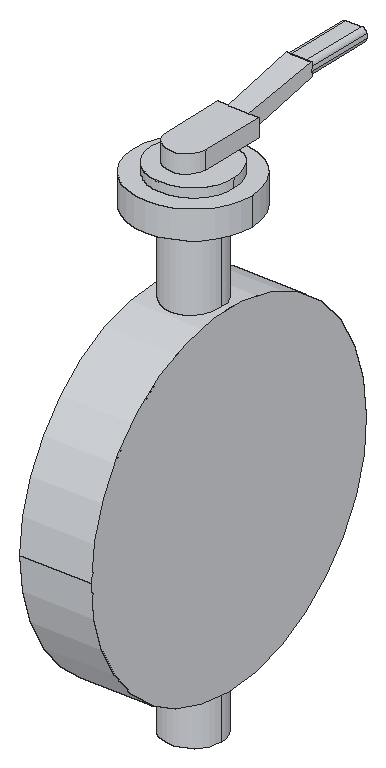
Revit family "HS497-67_disk-litina-s pákou DN300-RFA_2019", category Pipe Accessories, Revit 2019
Family settings
  Round Connector Dimension = Use Diameter
  Part Type = Valve - Breaks Into
  Work Plane-Based = No
  Always vertical = Yes
  Cut with Voids When Loaded = No
  Shared = No
Parameters (values of type "HS 497-67_DN300_PN16_s pákou")
  magiProductId = ""
  magiProductFamilyId = "53cea81e6f374d17b8841d9c72ad77"
  magiPartTypeId = 305
  isMeasuringValve [instance] = no
  ang2D [instance] = 0.00°
  X11 = 88.77 mm
  X1 = 36.77 mm
  W2D = 1000 mm
  VersionID = "2.0/2017.9.26.1/ZETKAMA_497_001"
  Use Minimum Symbol Size [instance] = yes
  URL = "http://www.hydronix.cz"
  Type Comments = "mezipřírubová; litinový disk; PN16; -10~+110°C (krátkodobě +120°C)"
  SW30 = no
  SW3 = no
  SW21 = no
  SW20 = yes
  SW2 = yes
  SW1 = no
  R = 150 mm
  QmdConnectorList = "301;D;302;D"
  Productdata [instance] = ""
  NC = 70 mm
  Model = ""
  Manufacturer = "Hydronix"  # constant formula
  MM20 = 36.77 mm
  MC Product Code = "120 300 (litinový disk, s pákou; DN300; PN16, kvs7037)"
  M41 = 91.5 mm
  M4 = 61 mm
  LHL = 220 mm
  LHH3 = 2.45 mm
  LHH1 = 46.55 mm
  LH1 = 73.333 mm
  L4R__ve = -L4R  # -22.2 mm
  L4R = 22.2 mm
  L42__ve = -L42  # -166.5 mm
  L42 = 166.5 mm
  L41__ve = -L41  # -33.3 mm
  L41 = 33.3 mm
  L2D_Min = 3048 mm
  L2D = 216 mm
  L2 = 39 mm
  L1 = 62.4 mm
  L = 78 mm
  H = 23 mm
  G22 = 11.25 mm
  G2 = 22.5 mm
  G1 = 90 mm
  G = 130 mm
  F = 22 mm
  E44 = 62.5 mm
  E42 = 125 mm
  E4 = 250 mm
  E23 = 4.9 mm
  E22 = 19.6 mm
  E21 = 9.8 mm
  Description = "Mezipřírubová uzavírací klapka s pákou; litinový disk, DN300; PN16; kvs7037"
  DR2 = 150 mm
  DR = 376 mm
  DD1 = 31.25 mm
  DD = 25 mm
  D = 300 mm
  CAT0 = yes
  B2__ve = -B2  # -90 mm
  B2 = 90 mm
  A2 = 30.8 mm
  A1 = 127.2 mm
Types (43, lengths in mm): name | magiProductId | X11 | X1 | Type Comments | SW30 | SW3 | SW20 | SW2 | SW1 | R | NC | MM20 | MC Product Code | M41 | M4 | LHL | LHH3 | LHH1 | LH1 | L4R__ve | L4R | L42__ve | L42 | L41__ve | L41 | L2 | L1 | L | H | G | F | E44 | E42 | E4 | E23 | E22 | E21 | Description | DR2 | DR | DD1 | DD | D | B2__ve | B2 | A2 | A1
  HS 497-67_DN100_PN16_volné vřeteno | "65d1b245f4f142c78569c0602d5754" | 61.456 | 25.456 | "mezipřírubová; litinový disk; PN16; -10~+110°C (krátkodobě +120°C)" | no | no | no | no | yes | 50 | 50 | 25.456 | "123 100 (litinový disk, s volným vřetenem; DN100; PN16, kvs512)" | 66 | 44 | 220 | 2.45 | 46.55 | 73.333 | -12.8 | 12.8 | -96 | 96 | -19.2 | 19.2 | 26 | 41.6 | 52 | 30 | 90 | 11 | 31.25 | 62.5 | 125 | 4.9 | 19.6 | 9.8 | "Mezipřírubová uzavírací klapka s volným vřetenem; litinový disk, DN100; PN16; kvs512" | 50 | 147 | 15.625 | 12.5 | 100 | -56 | 56 | 16.5 | 98.5
  HS 497-67_DN100_PN16_převodové kolo | "11e91b807e674d428c8e796fcdcfe2" | 61.456 | 25.456 | "mezipřírubová; litinový disk; PN16; -10~+110°C (krátkodobě +120°C)" | yes | yes | no | no | no | 50 | 50 | 25.456 | "125 100 (litinový disk, s převodovým kolem; DN100; PN16, kvs512)" | 65.25 | 43.5 | 220 | 2.45 | 46.55 | 73.333 | -12.8 | 12.8 | -96 | 96 | -19.2 | 19.2 | 26 | 41.6 | 52 | 30 | 90 | 11 | 31.25 | 62.5 | 125 | 4.9 | 19.6 | 9.8 | "Mezipřírubová uzavírací klapka s převodovým kolem; litinový disk, DN100; PN16; kvs512" | 50 | 147 | 15.625 | 12.5 | 100 | -56 | 56 | 16.5 | 98.5
  HS 497-67_DN100_PN16_s pákou | "28172f0b3f4b47b28323ac71cf8749" | 61.456 | 25.456 | "mezipřírubová; litinový disk; PN16; -10~+110°C (krátkodobě +120°C)" | no | no | yes | yes | no | 50 | 50 | 25.456 | "120 100 (litinový disk, s pákou; DN100; PN16, kvs512)" | 66 | 44 | 260 | 3 | 57 | 86.667 | -12.8 | 12.8 | -96 | 96 | -19.2 | 19.2 | 26 | 41.6 | 52 | 30 | 90 | 11 | 31.25 | 62.5 | 125 | 6 | 24 | 12 | "Mezipřírubová uzavírací klapka s pákou; litinový disk, DN100; PN16; kvs512" | 50 | 147 | 15.625 | 12.5 | 100 | -56 | 56 | 16.5 | 98.5
  HS 497-67_DN125_PN16_volné vřeteno | "0d813d910fc14f628bb3c2efbd185c" | 61.456 | 25.456 | "mezipřírubová; litinový disk; PN16; -10~+110°C (krátkodobě +120°C)" | no | no | no | no | yes | 62.5 | 50 | 25.456 | "123 125 (litinový disk, s volným vřetenem; DN125; PN16, kvs872)" | 66 | 44 | 220 | 2.45 | 46.55 | 73.333 | -12.8 | 12.8 | -96 | 96 | -19.2 | 19.2 | 28 | 44.8 | 56 | 33 | 90 | 14 | 31.25 | 62.5 | 125 | 4.9 | 19.6 | 9.8 | "Mezipřírubová uzavírací klapka s volným vřetenem; litinový disk, DN125; PN16; kvs872" | 62.5 | 180 | 15.625 | 12.5 | 125 | -64 | 64 | 18 | 99.5
  HS 497-67_DN125_PN16_převodové kolo | "c56b7c13f372467684996fb1e0e229" | 61.456 | 25.456 | "mezipřírubová; litinový disk; PN16; -10~+110°C (krátkodobě +120°C)" | yes | yes | no | no | no | 62.5 | 50 | 25.456 | "125 125 (litinový disk, s převodovým kolem; DN125; PN16, kvs872)" | 65.25 | 43.5 | 220 | 2.45 | 46.55 | 73.333 | -13.5 | 13.5 | -101.25 | 101.25 | -20.25 | 20.25 | 28 | 44.8 | 56 | 33 | 90 | 14 | 40 | 80 | 160 | 4.9 | 19.6 | 9.8 | "Mezipřírubová uzavírací klapka s převodovým kolem; litinový disk, DN125; PN16; kvs872" | 62.5 | 180 | 20 | 16 | 125 | -64 | 64 | 18 | 99.5
  HS 497-67_DN125_PN16_s pákou | "105993c79a91492399feef7931321a" | 61.456 | 25.456 | "mezipřírubová; litinový disk; PN16; -10~+110°C (krátkodobě +120°C)" | no | no | yes | yes | no | 62.5 | 50 | 25.456 | "120 125 (litinový disk, s pákou; DN125; PN16, kvs872)" | 66 | 44 | 315 | 3.75 | 71.25 | 105 | -12.8 | 12.8 | -96 | 96 | -19.2 | 19.2 | 28 | 44.8 | 56 | 33 | 90 | 14 | 31.25 | 62.5 | 125 | 7.5 | 30 | 15 | "Mezipřírubová uzavírací klapka s pákou; litinový disk, DN125; PN16; kvs872" | 62.5 | 180 | 15.625 | 12.5 | 125 | -64 | 64 | 18 | 99.5
  HS 497-67_DN150_PN16_volné vřeteno | "50c80cb8ab434f55ab7796e5ac1331" | 61.456 | 25.456 | "mezipřírubová; litinový disk; PN16; -10~+110°C (krátkodobě +120°C)" | no | no | no | no | yes | 75 | 50 | 25.456 | "123 150 (litinový disk, s volným vřetenem; DN150; PN16, kvs1347)" | 66 | 44 | 220 | 2.45 | 46.55 | 73.333 | -12.8 | 12.8 | -96 | 96 | -19.2 | 19.2 | 28 | 44.8 | 56 | 33 | 90 | 14 | 31.25 | 62.5 | 125 | 4.9 | 19.6 | 9.8 | "Mezipřírubová uzavírací klapka s volným vřetenem; litinový disk, DN150; PN16; kvs1347" | 75 | 206 | 15.625 | 12.5 | 150 | -58 | 58 | 19.3 | 98.7
  HS 497-67_DN150_PN16_převodové kolo | "d94a1a0cf83b476eb10011b327f709" | 61.456 | 25.456 | "mezipřírubová; litinový disk; PN16; -10~+110°C (krátkodobě +120°C)" | yes | yes | no | no | no | 75 | 50 | 25.456 | "125 150 (litinový disk, s převodovým kolem; DN150; PN16, kvs1347)" | 65.25 | 43.5 | 220 | 2.45 | 46.55 | 73.333 | -13.5 | 13.5 | -101.25 | 101.25 | -20.25 | 20.25 | 28 | 44.8 | 56 | 33 | 90 | 14 | 40 | 80 | 160 | 4.9 | 19.6 | 9.8 | "Mezipřírubová uzavírací klapka s převodovým kolem; litinový disk, DN150; PN16; kvs1347" | 75 | 206 | 20 | 16 | 150 | -58 | 58 | 19.3 | 98.7
  HS 497-67_DN150_PN16_s pákou | "4d2835523fe84828bc50ff0a5a0dfb" | 61.456 | 25.456 | "mezipřírubová; litinový disk; PN16; -10~+110°C (krátkodobě +120°C)" | no | no | yes | yes | no | 75 | 50 | 25.456 | "120 150 (litinový disk, s pákou; DN150; PN16, kvs1347)" | 66 | 44 | 315 | 3.75 | 71.25 | 105 | -12.8 | 12.8 | -96 | 96 | -19.2 | 19.2 | 28 | 44.8 | 56 | 33 | 90 | 14 | 31.25 | 62.5 | 125 | 7.5 | 30 | 15 | "Mezipřírubová uzavírací klapka s pákou; litinový disk, DN150; PN16; kvs1347" | 75 | 206 | 15.625 | 12.5 | 150 | -58 | 58 | 19.3 | 98.7
  HS 497-67_DN200_PN16_volné vřeteno | "5b29029eaeba47139ee1055a4b9201" | 61.456 | 25.456 | "mezipřírubová; litinový disk; PN16; -10~+110°C (krátkodobě +120°C)" | no | no | no | no | yes | 100 | 50 | 25.456 | "123 200 (litinový disk, s volným vřetenem; DN200; PN16, kvs2675)" | 66 | 44 | 220 | 2.45 | 46.55 | 73.333 | -12.8 | 12.8 | -96 | 96 | -19.2 | 19.2 | 30 | 48 | 60 | 33 | 90 | 17 | 31.25 | 62.5 | 125 | 4.9 | 19.6 | 9.8 | "Mezipřírubová uzavírací klapka s volným vřetenem; litinový disk, DN200; PN16; kvs2675" | 100 | 257 | 15.625 | 12.5 | 200 | -70 | 70 | 22.5 | 102.5
  HS 497-67_DN200_PN16_převodové kolo | "b2793cc1fcc44cf2a35062cd67c04f" | 61.456 | 25.456 | "mezipřírubová; litinový disk; PN16; -10~+110°C (krátkodobě +120°C)" | yes | yes | no | no | no | 100 | 57 | 25.456 | "125 200 (litinový disk, s převodovým kolem; DN200; PN16, kvs2675)" | 78.75 | 52.5 | 220 | 2.45 | 46.55 | 73.333 | -15.2 | 15.2 | -114 | 114 | -22.8 | 22.8 | 30 | 48 | 60 | 33 | 90 | 17 | 50 | 100 | 200 | 4.9 | 19.6 | 9.8 | "Mezipřírubová uzavírací klapka s převodovým kolem; litinový disk, DN200; PN16; kvs2675" | 100 | 257 | 25 | 20 | 200 | -70 | 70 | 22.5 | 102.5
  HS 497-67_DN200_PN16_s pákou | "f88d96c7af224537a51e72d7d8fffe" | 61.456 | 25.456 | "mezipřírubová; litinový disk; PN16; -10~+110°C (krátkodobě +120°C)" | no | no | yes | yes | no | 100 | 50 | 25.456 | "120 200 (litinový disk, s pákou; DN200; PN16, kvs2675)" | 66 | 44 | 315 | 3.75 | 71.25 | 105 | -12.8 | 12.8 | -96 | 96 | -19.2 | 19.2 | 30 | 48 | 60 | 33 | 90 | 17 | 31.25 | 62.5 | 125 | 7.5 | 30 | 15 | "Mezipřírubová uzavírací klapka s pákou; litinový disk, DN200; PN16; kvs2675" | 100 | 257 | 15.625 | 12.5 | 200 | -70 | 70 | 22.5 | 102.5
  HS 497-67_DN250_PN16_volné vřeteno | "b662e8305ca2402b9c510e66e6aa55" | 88.77 | 36.77 | "mezipřírubová; litinový disk; PN16; -10~+110°C (krátkodobě +120°C)" | no | no | no | no | yes | 125 | 50 | 36.77 | "123 250 (litinový disk, s volným vřetenem; DN250; PN16, kvs4555)" | 66 | 44 | 220 | 2.45 | 46.55 | 73.333 | -12.8 | 12.8 | -96 | 96 | -19.2 | 19.2 | 34 | 54.4 | 68 | 23 | 130 | 22 | 31.25 | 62.5 | 125 | 4.9 | 19.6 | 9.8 | "Mezipřírubová uzavírací klapka s volným vřetenem; litinový disk, DN250; PN16; kvs4555" | 125 | 324 | 15.625 | 12.5 | 250 | -85 | 85 | 28.25 | 129.25
  HS 497-67_DN250_PN16_převodové kolo | "5ee9016806664ddfaa2632711f295c" | 88.77 | 36.77 | "mezipřírubová; litinový disk; PN16; -10~+110°C (krátkodobě +120°C)" | yes | yes | no | no | no | 125 | 70 | 36.77 | "125 250 (litinový disk, s převodovým kolem; DN250; PN16, kvs4555)" | 91.5 | 61 | 220 | 2.45 | 46.55 | 73.333 | -22.2 | 22.2 | -166.5 | 166.5 | -33.3 | 33.3 | 34 | 54.4 | 68 | 23 | 130 | 22 | 62.5 | 125 | 250 | 4.9 | 19.6 | 9.8 | "Mezipřírubová uzavírací klapka s převodovým kolem; litinový disk, DN250; PN16; kvs4555" | 125 | 324 | 31.25 | 25 | 250 | -85 | 85 | 28.25 | 129.25
  HS 497-67_DN300_PN16_volné vřeteno | "e1886f51ff004380a649519258edf2" | 88.77 | 36.77 | "mezipřírubová; litinový disk; PN16; -10~+110°C (krátkodobě +120°C)" | no | no | no | no | yes | 150 | 50 | 36.77 | "123 300 (litinový disk, s volným vřetenem; DN300; PN16, kvs7037)" | 66 | 44 | 220 | 2.45 | 46.55 | 73.333 | -12.8 | 12.8 | -96 | 96 | -19.2 | 19.2 | 39 | 62.4 | 78 | 23 | 130 | 22 | 31.25 | 62.5 | 125 | 4.9 | 19.6 | 9.8 | "Mezipřírubová uzavírací klapka s volným vřetenem; litinový disk, DN300; PN16; kvs7037" | 150 | 376 | 15.625 | 12.5 | 300 | -90 | 90 | 30.8 | 127.2
  HS 497-67_DN300_PN16_převodové kolo | "6860f094f77d42088fbebc3c97f755" | 88.77 | 36.77 | "mezipřírubová; litinový disk; PN16; -10~+110°C (krátkodobě +120°C)" | yes | yes | no | no | no | 150 | 70 | 36.77 | "125 300 (litinový disk, s převodovým kolem; DN300; PN16, kvs7037)" | 91.5 | 61 | 220 | 2.45 | 46.55 | 73.333 | -22.2 | 22.2 | -166.5 | 166.5 | -33.3 | 33.3 | 39 | 62.4 | 78 | 23 | 130 | 22 | 62.5 | 125 | 250 | 4.9 | 19.6 | 9.8 | "Mezipřírubová uzavírací klapka s převodovým kolem; litinový disk, DN300; PN16; kvs7037" | 150 | 376 | 31.25 | 25 | 300 | -90 | 90 | 30.8 | 127.2
  HS 497-67_DN032_PN16_volné vřeteno | "8c5f65de52aa4067a77564107e31b2" | 61.456 | 25.456 | "mezipřírubová; litinový disk; PN16; -10~+110°C (krátkodobě +120°C)" | no | no | no | no | yes | 16 | 50 | 25.456 | "123 032 (litinový disk, s volným vřetenem; DN32; PN16, kvs78)" | 66 | 44 | 220 | 2.45 | 46.55 | 73.333 | -12.8 | 12.8 | -96 | 96 | -19.2 | 19.2 | 16.5 | 26.4 | 33 | 30 | 90 | 11 | 31.25 | 62.5 | 125 | 4.9 | 19.6 | 9.8 | "Mezipřírubová uzavírací klapka s volným vřetenem; litinový disk, DN32; PN16; kvs78" | 16 | 68 | 15.625 | 12.5 | 32 | -44.2 | 44.2 | 10.25 | 76.25
  HS 497-67_DN032_PN16_převodové kolo | "60aaeffa8b3a4e809ef000e4660060" | 61.456 | 25.456 | "mezipřírubová; litinový disk; PN16; -10~+110°C (krátkodobě +120°C)" | yes | yes | no | no | no | 16 | 50 | 25.456 | "125 032 (litinový disk, s převodovým kolem; DN32; PN16, kvs78)" | 65.25 | 43.5 | 220 | 2.45 | 46.55 | 73.333 | -12.8 | 12.8 | -96 | 96 | -19.2 | 19.2 | 16.5 | 26.4 | 33 | 30 | 90 | 11 | 31.25 | 62.5 | 125 | 4.9 | 19.6 | 9.8 | "Mezipřírubová uzavírací klapka s převodovým kolem; litinový disk, DN32; PN16; kvs78" | 16 | 68 | 15.625 | 12.5 | 32 | -44.2 | 44.2 | 10.25 | 76.25
  HS 497-67_DN032_PN16_s pákou | "9ad8088d610749a1b871aa2aad8007" | 61.456 | 25.456 | "mezipřírubová; litinový disk; PN16; -10~+110°C (krátkodobě +120°C)" | no | no | yes | yes | no | 16 | 50 | 25.456 | "120 032 (litinový disk, s pákou; DN32; PN16, kvs78)" | 66 | 44 | 220 | 2.45 | 46.55 | 73.333 | -12.8 | 12.8 | -96 | 96 | -19.2 | 19.2 | 16.5 | 26.4 | 33 | 30 | 90 | 11 | 31.25 | 62.5 | 125 | 4.9 | 19.6 | 9.8 | "Mezipřírubová uzavírací klapka s pákou; litinový disk, DN32; PN16; kvs78" | 16 | 68 | 15.625 | 12.5 | 32 | -44.2 | 44.2 | 10.25 | 76.25
  HS 497-67_DN350_PN10_volné vřeteno | "72a1e05f22944421b7e9596a877137" | 109.255 | 45.255 | "mezipřírubová; litinový disk; PN10; -10~+110°C (krátkodobě +120°C)" | no | no | no | no | yes | 175 | 50 | 45.255 | "123 350 (litinový disk, s volným vřetenem; DN350; PN10, kvs10165)" | 66 | 44 | 220 | 2.45 | 46.55 | 73.333 | -12.8 | 12.8 | -96 | 96 | -19.2 | 19.2 | 39 | 62.4 | 78 | 31 | 160 | 22 | 31.25 | 62.5 | 125 | 4.9 | 19.6 | 9.8 | "Mezipřírubová uzavírací klapka s volným vřetenem; litinový disk, DN350; PN10; kvs10165" | 175 | 430 | 15.625 | 12.5 | 350 | -88 | 88 | 33.85 | 129.65
  HS 497-67_DN350_PN10_převodové kolo | "a5a01426cb28494ba3afca92f1dace" | 109.255 | 45.255 | "mezipřírubová; litinový disk; PN10; -10~+110°C (krátkodobě +120°C)" | yes | yes | no | no | no | 175 | 70 | 45.255 | "125 350 (litinový disk, s převodovým kolem; DN350; PN10, kvs10165)" | 91.5 | 61 | 220 | 2.45 | 46.55 | 73.333 | -22.2 | 22.2 | -166.5 | 166.5 | -33.3 | 33.3 | 39 | 62.4 | 78 | 31 | 160 | 22 | 62.5 | 125 | 250 | 4.9 | 19.6 | 9.8 | "Mezipřírubová uzavírací klapka s převodovým kolem; litinový disk, DN350; PN10; kvs10165" | 175 | 430 | 31.25 | 25 | 350 | -88 | 88 | 33.85 | 129.65
  HS 497-67_DN400_PN10_volné vřeteno | "c70ebeb927c04ab99b176e257ad0a7" | 109.255 | 45.255 | "mezipřírubová; litinový disk; PN10; -10~+110°C (krátkodobě +120°C)" | no | no | no | no | yes | 200 | 50 | 45.255 | "123 400 (litinový disk, s volným vřetenem; DN400; PN10, kvs13799)" | 66 | 44 | 220 | 2.45 | 46.55 | 73.333 | -12.8 | 12.8 | -96 | 96 | -19.2 | 19.2 | 51 | 81.6 | 102 | 31 | 160 | 27 | 31.25 | 62.5 | 125 | 4.9 | 19.6 | 9.8 | "Mezipřírubová uzavírací klapka s volným vřetenem; litinový disk, DN400; PN10; kvs13799" | 200 | 485 | 15.625 | 12.5 | 400 | -108 | 108 | 38 | 142
  HS 497-67_DN400_PN10_převodové kolo | "cc64a4384dcb41b780d81810f4f293" | 109.255 | 45.255 | "mezipřírubová; litinový disk; PN10; -10~+110°C (krátkodobě +120°C)" | yes | yes | no | no | no | 200 | 72.5 | 45.255 | "125 400 (litinový disk, s převodovým kolem; DN400; PN10, kvs13799)" | 103.5 | 69 | 220 | 2.45 | 46.55 | 73.333 | -27.8 | 27.8 | -208.5 | 208.5 | -41.7 | 41.7 | 51 | 81.6 | 102 | 31 | 160 | 27 | 75 | 150 | 300 | 4.9 | 19.6 | 9.8 | "Mezipřírubová uzavírací klapka s převodovým kolem; litinový disk, DN400; PN10; kvs13799" | 200 | 485 | 37.5 | 30 | 400 | -108 | 108 | 38 | 142
  HS 497-67_DN040_PN16_volné vřeteno | "35f92312390745e88df5b5c325d9ee" | 61.456 | 25.456 | "mezipřírubová; litinový disk; PN16; -10~+110°C (krátkodobě +120°C)" | no | no | no | no | yes | 20 | 50 | 25.456 | "123 040 (litinový disk, s volným vřetenem; DN40; PN16, kvs78)" | 66 | 44 | 220 | 2.45 | 46.55 | 73.333 | -12.8 | 12.8 | -96 | 96 | -19.2 | 19.2 | 16.5 | 26.4 | 33 | 30 | 90 | 11 | 31.25 | 62.5 | 125 | 4.9 | 19.6 | 9.8 | "Mezipřírubová uzavírací klapka s volným vřetenem; litinový disk, DN40; PN16; kvs78" | 20 | 76 | 15.625 | 12.5 | 40 | -36 | 36 | 11 | 79
  HS 497-67_DN040_PN16_převodové kolo | "d88e968eae3445bc9b7b4e6ff35127" | 61.456 | 25.456 | "mezipřírubová; litinový disk; PN16; -10~+110°C (krátkodobě +120°C)" | yes | yes | no | no | no | 20 | 50 | 25.456 | "125 040 (litinový disk, s převodovým kolem; DN40; PN16, kvs78)" | 65.25 | 43.5 | 220 | 2.45 | 46.55 | 73.333 | -12.8 | 12.8 | -96 | 96 | -19.2 | 19.2 | 16.5 | 26.4 | 33 | 30 | 90 | 11 | 31.25 | 62.5 | 125 | 4.9 | 19.6 | 9.8 | "Mezipřírubová uzavírací klapka s převodovým kolem; litinový disk, DN40; PN16; kvs78" | 20 | 76 | 15.625 | 12.5 | 40 | -36 | 36 | 11 | 79
  HS 497-67_DN040_PN16_s pákou | "c1b522ca65b4407a98818f232eaacb" | 61.456 | 25.456 | "mezipřírubová; litinový disk; PN16; -10~+110°C (krátkodobě +120°C)" | no | no | yes | yes | no | 20 | 50 | 25.456 | "120 040 (litinový disk, s pákou; DN40; PN16, kvs78)" | 66 | 44 | 220 | 2.45 | 46.55 | 73.333 | -12.8 | 12.8 | -96 | 96 | -19.2 | 19.2 | 16.5 | 26.4 | 33 | 30 | 90 | 11 | 31.25 | 62.5 | 125 | 4.9 | 19.6 | 9.8 | "Mezipřírubová uzavírací klapka s pákou; litinový disk, DN40; PN16; kvs78" | 20 | 76 | 15.625 | 12.5 | 40 | -36 | 36 | 11 | 79
  HS 497-67_DN450_PN10_volné vřeteno | "a8358bc282f14872b3194e530e590a" | 129.74 | 53.74 | "mezipřírubová; litinový disk; PN10; -10~+110°C (krátkodobě +120°C)" | no | no | no | no | yes | 225 | 50 | 53.74 | "123 450 (litinový disk, s volným vřetenem; DN450; PN10, kvs18514)" | 66 | 44 | 220 | 2.45 | 46.55 | 73.333 | -12.8 | 12.8 | -96 | 96 | -19.2 | 19.2 | 57 | 91.2 | 114 | 38 | 190 | 36 | 31.25 | 62.5 | 125 | 4.9 | 19.6 | 9.8 | "Mezipřírubová uzavírací klapka s volným vřetenem; litinový disk, DN450; PN10; kvs18514" | 225 | 536 | 15.625 | 12.5 | 450 | -115 | 115 | 38.05 | 117.45
  HS 497-67_DN450_PN10_převodové kolo | "cdf2d80f54a9414f9cbe50647c0ebd" | 129.74 | 53.74 | "mezipřírubová; litinový disk; PN10; -10~+110°C (krátkodobě +120°C)" | yes | yes | no | no | no | 225 | 91.5 | 53.74 | "125 450 (litinový disk, s převodovým kolem; DN450; PN10, kvs18514)" | 144.75 | 96.5 | 220 | 2.45 | 46.55 | 73.333 | -32.1 | 32.1 | -240.75 | 240.75 | -48.15 | 48.15 | 57 | 91.2 | 114 | 38 | 190 | 36 | 100 | 200 | 400 | 4.9 | 19.6 | 9.8 | "Mezipřírubová uzavírací klapka s převodovým kolem; litinový disk, DN450; PN10; kvs18514" | 225 | 536 | 50 | 40 | 450 | -115 | 115 | 38.05 | 117.45
  HS 497-67_DN500_PN10_volné vřeteno | "8c396e27bb2743f98f3c762b6517cd" | 143.397 | 59.397 | "mezipřírubová; litinový disk; PN10; -10~+110°C (krátkodobě +120°C)" | no | no | no | no | yes | 250 | 50 | 59.397 | "123 500 (litinový disk, s volným vřetenem; DN500; PN10, kvs23805)" | 66 | 44 | 220 | 2.45 | 46.55 | 73.333 | -12.8 | 12.8 | -96 | 96 | -19.2 | 19.2 | 63.5 | 101.6 | 127 | 38 | 210 | 36 | 31.25 | 62.5 | 125 | 4.9 | 19.6 | 9.8 | "Mezipřírubová uzavírací klapka s volným vřetenem; litinový disk, DN500; PN10; kvs23805" | 250 | 593 | 15.625 | 12.5 | 500 | -130 | 130 | 43.25 | 139.25
  HS 497-67_DN500_PN10_převodové kolo | "7647804f32e94cef828a7034a91a46" | 143.397 | 59.397 | "mezipřírubová; litinový disk; PN10; -10~+110°C (krátkodobě +120°C)" | yes | yes | no | no | no | 250 | 91.5 | 59.397 | "125 500 (litinový disk, s převodovým kolem; DN500; PN10, kvs23805)" | 144.75 | 96.5 | 220 | 2.45 | 46.55 | 73.333 | -32.1 | 32.1 | -240.75 | 240.75 | -48.15 | 48.15 | 63.5 | 101.6 | 127 | 38 | 210 | 36 | 100 | 200 | 400 | 4.9 | 19.6 | 9.8 | "Mezipřírubová uzavírací klapka s převodovým kolem; litinový disk, DN500; PN10; kvs23805" | 250 | 593 | 50 | 40 | 500 | -130 | 130 | 43.25 | 139.25
  HS 497-67_DN050_PN16_volné vřeteno | "d71f296ecd6d4adf8f6e5d9853b4e0" | 61.456 | 25.456 | "mezipřírubová; litinový disk; PN16; -10~+110°C (krátkodobě +120°C)" | no | no | no | no | yes | 25 | 50 | 25.456 | "123 050 (litinový disk, s volným vřetenem; DN50; PN16, kvs98)" | 66 | 44 | 220 | 2.45 | 46.55 | 73.333 | -12.8 | 12.8 | -96 | 96 | -19.2 | 19.2 | 21.5 | 34.4 | 43 | 30 | 90 | 11 | 31.25 | 62.5 | 125 | 4.9 | 19.6 | 9.8 | "Mezipřírubová uzavírací klapka s volným vřetenem; litinový disk, DN50; PN16; kvs98" | 25 | 100 | 15.625 | 12.5 | 50 | -36.5 | 36.5 | 12 | 83
  HS 497-67_DN050_PN16_převodové kolo | "2fb080deeaed49c58418b94c1da5a4" | 61.456 | 25.456 | "mezipřírubová; litinový disk; PN16; -10~+110°C (krátkodobě +120°C)" | yes | yes | no | no | no | 25 | 50 | 25.456 | "125 050 (litinový disk, s převodovým kolem; DN50; PN16, kvs98)" | 65.25 | 43.5 | 220 | 2.45 | 46.55 | 73.333 | -12.8 | 12.8 | -96 | 96 | -19.2 | 19.2 | 21.5 | 34.4 | 43 | 30 | 90 | 11 | 31.25 | 62.5 | 125 | 4.9 | 19.6 | 9.8 | "Mezipřírubová uzavírací klapka s převodovým kolem; litinový disk, DN50; PN16; kvs98" | 25 | 100 | 15.625 | 12.5 | 50 | -36.5 | 36.5 | 12 | 83
  HS 497-67_DN050_PN16_s pákou | "dabc632061f94877a994b9b4e68112" | 61.456 | 25.456 | "mezipřírubová; litinový disk; PN16; -10~+110°C (krátkodobě +120°C)" | no | no | yes | yes | no | 25 | 50 | 25.456 | "120 050 (litinový disk, s pákou; DN50; PN16, kvs98)" | 66 | 44 | 220 | 2.45 | 46.55 | 73.333 | -12.8 | 12.8 | -96 | 96 | -19.2 | 19.2 | 21.5 | 34.4 | 43 | 30 | 90 | 11 | 31.25 | 62.5 | 125 | 4.9 | 19.6 | 9.8 | "Mezipřírubová uzavírací klapka s pákou; litinový disk, DN50; PN16; kvs98" | 25 | 100 | 15.625 | 12.5 | 50 | -36.5 | 36.5 | 12 | 83
  HS 497-67_DN600_PN10_volné vřeteno | "99d5892c14664fce81a7c5903f7711" | 143.397 | 59.397 | "mezipřírubová; litinový disk; PN10; -10~+110°C (krátkodobě +120°C)" | no | no | no | no | yes | 300 | 50 | 59.397 | "123 600 (litinový disk, s volným vřetenem; DN600; PN10, kvs36778)" | 66 | 44 | 220 | 2.45 | 46.55 | 73.333 | -12.8 | 12.8 | -96 | 96 | -19.2 | 19.2 | 77 | 123.2 | 154 | 80 | 210 | 60 | 31.25 | 62.5 | 125 | 4.9 | 19.6 | 9.8 | "Mezipřírubová uzavírací klapka s volným vřetenem; litinový disk, DN600; PN10; kvs36788" | 300 | 690 | 15.625 | 12.5 | 600 | -140 | 140 | 49.4 | 144.6
  HS 497-67_DN600_PN10_převodové kolo | "b1e26faab48a4c499f6bb11e7e3002" | 143.397 | 59.397 | "mezipřírubová; litinový disk; PN10; -10~+110°C (krátkodobě +120°C)" | yes | yes | no | no | no | 300 | 140 | 59.397 | "125 600 (litinový disk, s převodovým kolem; DN600; PN10, kvs36778)" | 206.25 | 137.5 | 220 | 2.45 | 46.55 | 73.333 | -40.8 | 40.8 | -306 | 306 | -61.2 | 61.2 | 77 | 123.2 | 154 | 80 | 210 | 60 | 125 | 250 | 500 | 4.9 | 19.6 | 9.8 | "Mezipřírubová uzavírací klapka s převodovým kolem; litinový disk, DN600; PN10; kvs36788" | 300 | 690 | 62.5 | 50 | 600 | -140 | 140 | 49.4 | 144.6
  HS 497-67_DN065_PN16_volné vřeteno | "5e5e208646e34ec29f889baab5d08e" | 61.456 | 25.456 | "mezipřírubová; litinový disk; PN16; -10~+110°C (krátkodobě +120°C)" | no | no | no | no | yes | 32.5 | 50 | 25.456 | "123 065 (litinový disk, s volným vřetenem; DN65; PN16, kvs167)" | 66 | 44 | 220 | 2.45 | 46.55 | 73.333 | -12.8 | 12.8 | -96 | 96 | -19.2 | 19.2 | 23 | 36.8 | 46 | 30 | 90 | 11 | 31.25 | 62.5 | 125 | 4.9 | 19.6 | 9.8 | "Mezipřírubová uzavírací klapka s volným vřetenem; litinový disk, DN65; PN16; kv167" | 32.5 | 108 | 15.625 | 12.5 | 65 | -36.5 | 36.5 | 13.5 | 89
  HS 497-67_DN065_PN16_převodové kolo | "654d74c8d15540b0bfe523d988ccb3" | 61.456 | 25.456 | "mezipřírubová; litinový disk; PN16; -10~+110°C (krátkodobě +120°C)" | yes | yes | no | no | no | 32.5 | 50 | 25.456 | "125 065 (litinový disk, s převodovým kolem; DN65; PN16, kvs167)" | 65.25 | 43.5 | 220 | 2.45 | 46.55 | 73.333 | -12.8 | 12.8 | -96 | 96 | -19.2 | 19.2 | 23 | 36.8 | 46 | 30 | 90 | 11 | 31.25 | 62.5 | 125 | 4.9 | 19.6 | 9.8 | "Mezipřírubová uzavírací klapka s převodovým kolem; litinový disk, DN65; PN16; kvs167" | 32.5 | 108 | 15.625 | 12.5 | 65 | -36.5 | 36.5 | 13.5 | 89
  HS 497-67_DN065_PN16_s pákou | "ebeb4b59db0641caaf6d6635ab37b9" | 61.456 | 25.456 | "mezipřírubová; litinový disk; PN16; -10~+110°C (krátkodobě +120°C)" | no | no | yes | yes | no | 32.5 | 50 | 25.456 | "120 065 (litinový disk, s pákou; DN65; PN16, kvs167)" | 66 | 44 | 220 | 2.45 | 46.55 | 73.333 | -12.8 | 12.8 | -96 | 96 | -19.2 | 19.2 | 23 | 36.8 | 46 | 30 | 90 | 11 | 31.25 | 62.5 | 125 | 4.9 | 19.6 | 9.8 | "Mezipřírubová uzavírací klapka s pákou; litinový disk, DN65; PN16; kvs167" | 32.5 | 108 | 15.625 | 12.5 | 65 | -36.5 | 36.5 | 13.5 | 89
  HS 497-67_DN080_PN16_volné vřeteno | "9e85c75c18654e1185a9c48ed6b00e" | 61.456 | 25.456 | "mezipřírubová; litinový disk; PN16; -10~+110°C (krátkodobě +120°C)" | no | no | no | no | yes | 40 | 50 | 25.456 | "123 080 (litinový disk, s volným vřetenem; DN80; PN16, kvs258)" | 66 | 44 | 220 | 2.45 | 46.55 | 73.333 | -12.8 | 12.8 | -96 | 96 | -19.2 | 19.2 | 23 | 36.8 | 46 | 30 | 90 | 11 | 31.25 | 62.5 | 125 | 4.9 | 19.6 | 9.8 | "Mezipřírubová uzavírací klapka s volným vřetenem; litinový disk, DN80; PN16; kvs258" | 40 | 124 | 15.625 | 12.5 | 80 | -54 | 54 | 14.1 | 86.9
  HS 497-67_DN080_PN16_převodové kolo | "5b3c8238c3d041e68c75b199e7ea46" | 61.456 | 25.456 | "mezipřírubová; litinový disk; PN16; -10~+110°C (krátkodobě +120°C)" | yes | yes | no | no | no | 40 | 50 | 25.456 | "125 080 (litinový disk, s převodovým kolem; DN80; PN16, kvs258)" | 65.25 | 43.5 | 220 | 2.45 | 46.55 | 73.333 | -12.8 | 12.8 | -96 | 96 | -19.2 | 19.2 | 23 | 36.8 | 46 | 30 | 90 | 11 | 31.25 | 62.5 | 125 | 4.9 | 19.6 | 9.8 | "Mezipřírubová uzavírací klapka s převodovým kolem; litinový disk, DN80; PN16; kvs258" | 40 | 124 | 15.625 | 12.5 | 80 | -54 | 54 | 14.1 | 86.9
  HS 497-67_DN080_PN16_s pákou | "e414795fab0f4eccb99bc3572c5477" | 61.456 | 25.456 | "mezipřírubová; litinový disk; PN16; -10~+110°C (krátkodobě +120°C)" | no | no | yes | yes | no | 40 | 50 | 25.456 | "120 080 (litinový disk, s pákou; DN80; PN16, kvs258)" | 66 | 44 | 260 | 3 | 57 | 86.667 | -12.8 | 12.8 | -96 | 96 | -19.2 | 19.2 | 23 | 36.8 | 46 | 30 | 90 | 11 | 31.25 | 62.5 | 125 | 6 | 24 | 12 | "Mezipřírubová uzavírací klapka s pákou; litinový disk, DN80; PN16; kvs258" | 40 | 124 | 15.625 | 12.5 | 80 | -54 | 54 | 14.1 | 86.9
  HS 497-67_DN250_PN16_s pákou | "" | 88.77 | 36.77 | "mezipřírubová; litinový disk; PN16; -10~+110°C (krátkodobě +120°C)" | no | no | yes | yes | no | 125 | 70 | 36.77 | "120 250 (litinový disk, s pákou; DN250; PN16, kvs4555)" | 91.5 | 61 | 220 | 2.45 | 46.55 | 73.333 | -22.2 | 22.2 | -166.5 | 166.5 | -33.3 | 33.3 | 34 | 54.4 | 68 | 23 | 130 | 22 | 62.5 | 125 | 250 | 4.9 | 19.6 | 9.8 | "Mezipřírubová uzavírací klapka s pákou; litinový disk, DN250; PN16; kvs4555" | 125 | 324 | 31.25 | 25 | 250 | -85 | 85 | 28.25 | 129.25
  HS 497-67_DN300_PN16_s pákou | "" | 88.77 | 36.77 | "mezipřírubová; litinový disk; PN16; -10~+110°C (krátkodobě +120°C)" | no | no | yes | yes | no | 150 | 70 | 36.77 | "120 300 (litinový disk, s pákou; DN300; PN16, kvs7037)" | 91.5 | 61 | 220 | 2.45 | 46.55 | 73.333 | -22.2 | 22.2 | -166.5 | 166.5 | -33.3 | 33.3 | 39 | 62.4 | 78 | 23 | 130 | 22 | 62.5 | 125 | 250 | 4.9 | 19.6 | 9.8 | "Mezipřírubová uzavírací klapka s pákou; litinový disk, DN300; PN16; kvs7037" | 150 | 376 | 31.25 | 25 | 300 | -90 | 90 | 30.8 | 127.2
Reference planes
  plane 1 "Center (Front/Back)": y = 0
  plane 2 "XYPLANE": z = 0
  plane 3 "Center (Left/Right)": x = 0
  plane 4 "473": x = -36.77
  plane 5 "472": x = -91.5
  plane 6 "471": y = -36.77
  plane 7 "470": y = 36.77
  plane 8 "469": x = -61
  plane 9 "468": y = -199.8
  plane 10 "467": y = -166.5
  plane 11 "466": z = 370.5
  plane 12 "465": z = 354.55
  plane 13 "464": y = 145.417
  plane 14 "463": z = 344.75
  plane 15 "462": z = 327.6
  plane 16 "461": z = 337.4
  plane 17 "460": y = 72.083
  plane 18 "459": x = -11.25
  plane 19 "458": x = 11.25
  plane 20 "457": y = -6.25
  plane 21 "456": x = -17.5
  plane 22 "455": x = 17.5
  plane 23 "454": z = 342.3
  plane 24 "453": y = 62.083
  plane 25 "452": y = -11.25
  plane 26 "451": x = -22.5
  plane 27 "450": x = 22.5
  plane 28 "449": z = 322.7
  plane 29 "448": z = 317.8
  plane 30 "447": z = -150
  plane 31 "446": z = 308
  plane 32 "445": z = 277.2
  plane 33 "444": z = 150
  plane 34 "443": x = 39
  plane 35 "442": x = -39
  plane 36 "441": z = 0
  plane 37 "440": y = 0
  plane 38 "439": x = 0
  plane 39 "438": z = 357
  plane 40 "437": z = 342.3
  plane 41 "436": x = 13.7
  plane 42 "435": x = -13.7
  plane 43 "434": y = 220
Forms (mm)
  Extrusion 1, solid, visible <- "SW3"
    sketch origin (-750, 0, 308) x (1, 0, 0) y (0, 1, 0)
      loop
        line (658.5, 36.77) -> (658.5, -36.77) -> (713.23, -36.77)
        arc (713.23, -36.77) -> (802, 0) -> (713.23, 36.77) r 52
        line (713.23, 36.77) -> (658.5, 36.77)
    from 0 to 125 <- "E42"
  Extrusion 2, solid, visible <- "SW30"
    sketch origin (0, -750, 0) x (0, 1, 0) y (0, 0, 1)
      loop
        circle (750, 370.5) r 15.625
    from 0 to 70 <- "NC"
  Extrusion 3, solid, visible <- "SW30"
    sketch origin (750, -199.8, 0) x (-1, 0, 0) y (0, 0, 1)
      loop
        circle (811, 370.5) r 125
    from 0 to -22.2 <- "L4R__ve"
  Extrusion 4, solid, visible <- "SW3"
    sketch origin (750, -166.5, 0) x (-1, 0, 0) y (0, 0, 1)
      loop
        circle (811, 370.5) r 15.625
    from 0 to -33.3 <- "L41__ve"
  Extrusion 5, solid, visible <- "SW30"
    sketch origin (750, 0, 0) x (-1, 0, 0) y (0, 0, 1)
      loop
        circle (811, 370.5) r 12.5
    from 0 to -166.5 <- "L42__ve"
  Blend 6, solid, visible <- "SW21"
    base sketch origin (750, 72.083, 0) x (-1, 0, 0) y (0, 0, 1)
      loop
        line (761.25, 337.4) -> (738.75, 337.4) -> (738.75, 327.6) -> (761.25, 327.6) -> (761.25, 337.4)
    top sketch origin (750, 72.083, 0) x (-1, 0, 0) y (0, 0, 1)
      loop
        line (761.25, 354.55) -> (738.75, 354.55) -> (738.75, 344.75) -> (761.25, 344.75) -> (761.25, 354.55)
    from 0 to 73.333
  Blend 7, solid, visible <- "SW21"
    base sketch origin (750, 62.083, 0) x (-1, 0, 0) y (0, 0, 1)
      loop
        line (761.25, 342.3) -> (738.75, 342.3) -> (738.75, 322.7) -> (761.25, 322.7) -> (761.25, 342.3)
    top sketch origin (750, 62.083, 0) x (-1, 0, 0) y (0, 0, 1)
      loop
        line (761.25, 337.4) -> (738.75, 337.4) -> (738.75, 327.6) -> (761.25, 327.6) -> (761.25, 337.4)
    from 0 to 10
  Blend 8, solid, visible <- "SW21"
    base sketch origin (-750, 0, 322.7) x (1, 0, 0) y (0, 1, 0)
      loop
        line (772.5, 62.083) -> (727.5, 62.083) -> (727.5, -11.25)
        arc (727.5, -11.25) -> (750, -31.25) -> (772.5, -11.25) r 22.656
        line (772.5, -11.25) -> (772.5, 62.083)
    top sketch origin (-750, 0, 322.7) x (1, 0, 0) y (0, 1, 0)
      loop
        line (767.5, 62.083) -> (732.5, 62.083) -> (732.5, -6.25)
        arc (732.5, -6.25) -> (750, -26.25) -> (767.5, -6.25) r 17.656
        line (767.5, -6.25) -> (767.5, 62.083)
    from 0 to 19.6
  Extrusion 9, solid, visible <- "SW2"
    sketch origin (-750, 0, 317.8) x (1, 0, 0) y (0, 1, 0)
      loop
        circle (750, 0) r 11.25
    from 0 to 4.9 <- "E23"
  Extrusion 10, solid, visible <- "SW2"
    sketch origin (-750, 0, 308) x (1, 0, 0) y (0, 1, 0)
      loop
        circle (750, 0) r 45
    from 0 to 9.8 <- "E21"
  Extrusion 11, solid, visible <- "CAT0"
    sketch origin (-750, 0, -150) x (1, 0, 0) y (0, 1, 0)
      loop
        circle (750, 0) r 31.2
    from 0 to -90 <- "B2__ve"
  Extrusion 12, solid, visible <- "CAT0"
    sketch origin (-750, 0, 277.2) x (1, 0, 0) y (0, 1, 0)
      loop
        circle (750, 0) r 65
    from 0 to 30.8 <- "A2"
  Extrusion 13, solid, visible <- "CAT0"
    sketch origin (-750, 0, 150) x (1, 0, 0) y (0, 1, 0)
      loop
        circle (750, 0) r 31.2
    from 0 to 127.2 <- "A1"
  Extrusion 14, solid, visible <- "CAT0"
    sketch origin (-39, -750, 0) x (0, 1, 0) y (0, 0, 1)
      loop
        circle (750, 0) r 188
    from 0 to 78 <- "L"
  Extrusion 15, solid, visible <- "SW1"
    sketch origin (-750, 0, 308) x (1, 0, 0) y (0, 1, 0)
      loop
        line (761, 11) -> (739, 11) -> (739, -11) -> (761, -11) -> (761, 11)
    from 0 to 23 <- "H"
  Blend 16, solid, visible <- "SW2"
    base sketch origin (750, 145.417, 0) x (-1, 0, 0) y (0, 0, 1)
      loop
        arc (763.7, 352) -> (762.236, 355.536) -> (758.7, 357) r 5
        line (758.7, 357) -> (741.3, 357)
        arc (741.3, 357) -> (737.764, 355.536) -> (736.3, 352) r 5
        line (736.3, 352) -> (736.3, 347.3)
        arc (736.3, 347.3) -> (737.764, 343.764) -> (741.3, 342.3) r 5
        line (741.3, 342.3) -> (758.7, 342.3)
        arc (758.7, 342.3) -> (762.236, 343.764) -> (763.7, 347.3) r 5
        line (763.7, 347.3) -> (763.7, 352)
    top sketch origin (750, 145.417, 0) x (-1, 0, 0) y (0, 0, 1)
      loop
        arc (763.7, 352) -> (762.236, 355.536) -> (758.7, 357) r 5
        line (758.7, 357) -> (741.3, 357)
        arc (741.3, 357) -> (737.764, 355.536) -> (736.3, 352) r 5
        line (736.3, 352) -> (736.3, 347.3)
        arc (736.3, 347.3) -> (737.764, 343.764) -> (741.3, 342.3) r 5
        line (741.3, 342.3) -> (758.7, 342.3)
        arc (758.7, 342.3) -> (762.236, 343.764) -> (763.7, 347.3) r 5
        line (763.7, 347.3) -> (763.7, 352)
    from 0 to 74.583
  Blend 17, solid, visible <- "SW20"
    base sketch origin (750, 145.417, 0) x (-1, 0, 0) y (0, 0, 1)
      loop
        line (763.7, 357) -> (736.3, 357) -> (736.3, 342.3) -> (763.7, 342.3) -> (763.7, 357)
    top sketch origin (750, 145.417, 0) x (-1, 0, 0) y (0, 0, 1)
      loop
        line (761.25, 342.3) -> (738.75, 342.3) -> (738.75, 322.7) -> (761.25, 322.7) -> (761.25, 342.3)
    from 0 to -83.333
  Extrusion 18, solid, visible <- "SW20"
    sketch origin (-750, 0, 322.7) x (1, 0, 0) y (0, 1, 0)
      loop
        line (772.5, 62.083) -> (727.5, 62.083) -> (727.5, -11.25)
        arc (727.5, -11.25) -> (750, -31.25) -> (772.5, -11.25) r 22.656
        line (772.5, -11.25) -> (772.5, 62.083)
    from 0 to 19.6 <- "E22"
  Extrusion 19, solid, not visible
    sketch origin (-39, -750, 0) x (0, 1, 0) y (0, 0, 1)
      loop
        circle (750, 0) r 10
    from 0 to 10
  Extrusion 20, solid, not visible
    sketch origin (39, -750, 0) x (0, 1, 0) y (0, 0, 1)
      loop
        circle (750, 0) r 10
    from 0 to -10
Lines and regions (mm)
  reference lines, not visible
    curve 1: circle (2, 2, 0) r 1 normal (0, 0, 1)
  reference lines
    curve 2: line (-36.77, -36.77, 308) -> (-36.77, 36.77, 308)
    curve 3: line (-17.5, -6.25, 322.7) -> (17.5, -6.25, 322.7)
    curve 4: line (-22.5, -11.25, 322.7) -> (22.5, -11.25, 322.7)
    curve 5: circle (0, 0, 308) r 1 normal (0, 0, 1)
    curve 6: line (-22.5, -11.25, 322.7) -> (22.5, -11.25, 322.7)
Dimensions and locks
  plane 1 "Center (Front/Back)" to curve 1 = 2 mm
  "X1": plane 3 "Center (Left/Right)" to plane 4 "473"
  "M41": plane 3 "Center (Left/Right)" to plane 5 "472"
  "MM20": plane 1 "Center (Front/Back)" to plane 6 "471"
  "MM20": plane 1 "Center (Front/Back)" to plane 7 "470"
  "M4": plane 3 "Center (Left/Right)" to plane 8 "469"
  "L41": plane 10 "467" to plane 9 "468"
  "L42": plane 1 "Center (Front/Back)" to plane 10 "467"
  "E44": plane 31 "446" to plane 11 "466"
  "LHH1": plane 31 "446" to plane 12 "465"
  "LH1": plane 17 "460" to plane 13 "464"
  "E21": plane 12 "465" to plane 14 "463"
  "E21": plane 16 "461" to plane 15 "462"
  "E23": plane 23 "454" to plane 16 "461"
  locked: plane 24 "453" to plane 17 "460" at 10
  "G22": plane 3 "Center (Left/Right)" to plane 18 "459"
  "G22": plane 3 "Center (Left/Right)" to plane 19 "458"
  locked: plane 25 "452" to plane 20 "457" at 5
  locked: plane 26 "451" to plane 21 "456" at 5
  locked: plane 27 "450" to plane 22 "455" at 5
  "E22": plane 28 "449" to plane 23 "454"
  "LH1": plane 25 "452" to plane 24 "453"
  "G22": plane 1 "Center (Front/Back)" to plane 25 "452"
  "G2": plane 3 "Center (Left/Right)" to plane 26 "451"
  "G2": plane 3 "Center (Left/Right)" to plane 27 "450"
  "E23": plane 29 "448" to plane 28 "449"
  "E21": plane 31 "446" to plane 29 "448"
  "R": plane 2 "XYPLANE" to plane 30 "447"
  "A2": plane 32 "445" to plane 31 "446"
  "A1": plane 33 "444" to plane 32 "445"
  "DR2": plane 2 "XYPLANE" to plane 33 "444"
  "L2": plane 3 "Center (Left/Right)" to plane 34 "443"
  "L2": plane 3 "Center (Left/Right)" to plane 35 "442"
  locked: plane 2 "XYPLANE" to plane 36 "441"
  locked: plane 1 "Center (Front/Back)" to plane 37 "440"
  locked: plane 3 "Center (Left/Right)" to plane 38 "439"
  "LHH3": plane 12 "465" to plane 39 "438"
  "LHH3": plane 14 "463" to plane 40 "437"
  "LHH3": plane 19 "458" to plane 41 "436"
  "LHH3": plane 18 "459" to plane 42 "435"
  "LHL": plane 1 "Center (Front/Back)" to plane 43 "434"
  "X11": curve 2 to Extrusion 1 sketch curve
  Extrusion 1 sketch curve to Extrusion 1 sketch curve = 0 mm  (x8)
  Blend 6 sketch curve to Blend 6 sketch curve = 0 mm  (x16)
  Blend 7 sketch curve to Blend 7 sketch curve = 0 mm  (x16)
  Blend 8 sketch curve to Blend 8 sketch curve = 0 mm  (x16)
  equal spacing: Extrusion 15 sketch curve, curve 5, Extrusion 15 sketch curve  (x2)
  "F": Extrusion 15 sketch curve to Extrusion 15 sketch curve  (x2)
  Blend 16 sketch curve to Blend 16 sketch curve = 0 mm  (x32)
  Blend 17 sketch curve to Blend 17 sketch curve = 0 mm  (x16)
  Extrusion 18 sketch curve to Extrusion 18 sketch curve = 0 mm  (x8)
  "DD1": diameter of Extrusion 2 sketch curve
  "E4": diameter of Extrusion 3 sketch curve
  "DD1": diameter of Extrusion 4 sketch curve
  "DD": diameter of Extrusion 5 sketch curve
  "G2": diameter of Extrusion 9 sketch curve
  "G1": diameter of Extrusion 10 sketch curve
  "L1": diameter of Extrusion 11 sketch curve
  "G": diameter of Extrusion 12 sketch curve
  "L1": diameter of Extrusion 13 sketch curve
  "DR": diameter of Extrusion 14 sketch curve
  radius of Blend 16 sketch curve = 5 mm  (x8)
  aligned and locked: level to plane 2 "XYPLANE"
  aligned and locked: Extrusion 1 sketch curve to plane 5 "472"
  aligned and locked: plane 7 "470" to Extrusion 1 sketch curve
  aligned and locked: plane 6 "471" to Extrusion 1 sketch curve
  aligned and locked: plane 5 "472" to Extrusion 1 sketch curve
  aligned and locked: plane 4 "473" to Extrusion 1 sketch curve  (x2)
  aligned and locked: plane 4 "473" to curve 2
  aligned and locked: plane 6 "471" to curve 2
  aligned and locked: plane 7 "470" to curve 2
  aligned and locked: Extrusion 1 sketch curve to plane 7 "470"
  aligned and locked: plane 11 "466" to Extrusion 2 sketch curve
  aligned and locked: plane 37 "440" to Extrusion 2 sketch curve
  aligned and locked: plane 8 "469" to Extrusion 3 sketch curve
  aligned and locked: plane 11 "466" to Extrusion 3 sketch curve
  aligned and locked: plane 8 "469" to Extrusion 4 sketch curve
  aligned and locked: plane 11 "466" to Extrusion 4 sketch curve
  aligned and locked: plane 8 "469" to Extrusion 5 sketch curve
  aligned and locked: plane 11 "466" to Extrusion 5 sketch curve
  aligned and locked: plane 12 "465" to Blend 6 sketch curve  (x2)
  aligned and locked: plane 18 "459" to Blend 6 sketch curve  (x4)
  aligned and locked: plane 19 "458" to Blend 6 sketch curve  (x4)
  aligned and locked: plane 14 "463" to Blend 6 sketch curve  (x2)
  aligned and locked: plane 16 "461" to Blend 6 sketch curve  (x2)
  aligned and locked: plane 15 "462" to Blend 6 sketch curve  (x2)
  aligned and locked: plane 13 "464" to Blend 6
  aligned and locked: plane 16 "461" to Blend 7 sketch curve  (x2)
  aligned and locked: plane 18 "459" to Blend 7 sketch curve  (x4)
  aligned and locked: plane 19 "458" to Blend 7 sketch curve  (x4)
  aligned and locked: plane 15 "462" to Blend 7 sketch curve  (x2)
  aligned and locked: plane 23 "454" to Blend 7 sketch curve  (x2)
  aligned and locked: plane 28 "449" to Blend 7 sketch curve  (x2)
  aligned and locked: plane 17 "460" to Blend 7
  aligned and locked: plane 24 "453" to Blend 8 sketch curve  (x4)
  aligned and locked: plane 22 "455" to Blend 8 sketch curve  (x2)
  aligned and locked: plane 21 "456" to Blend 8 sketch curve
  aligned and locked: plane 20 "457" to Blend 8 sketch curve  (x2)
  aligned and locked: curve 3 to plane 20 "457"
  aligned and locked: plane 21 "456" to curve 3
  aligned and locked: plane 22 "455" to curve 3
  aligned and locked: plane 27 "450" to Blend 8 sketch curve  (x2)
  aligned and locked: plane 26 "451" to Blend 8 sketch curve
  aligned and locked: plane 25 "452" to Blend 8 sketch curve  (x2)
  aligned and locked: curve 4 to plane 25 "452"
  aligned and locked: plane 26 "451" to curve 4
  aligned and locked: plane 27 "450" to curve 4
  aligned and locked: plane 23 "454" to Blend 8
  aligned and locked: plane 37 "440" to Extrusion 9 sketch curve
  aligned and locked: plane 38 "439" to Extrusion 9 sketch curve
  aligned and locked: plane 37 "440" to Extrusion 10 sketch curve
  aligned and locked: plane 38 "439" to Extrusion 10 sketch curve
  aligned and locked: plane 37 "440" to Extrusion 11 sketch curve
  aligned and locked: plane 38 "439" to Extrusion 11 sketch curve
  aligned and locked: plane 37 "440" to Extrusion 12 sketch curve
  aligned and locked: plane 38 "439" to Extrusion 12 sketch curve
  aligned and locked: plane 37 "440" to Extrusion 13 sketch curve
  aligned and locked: plane 38 "439" to Extrusion 13 sketch curve
  aligned and locked: plane 36 "441" to Extrusion 14 sketch curve
  aligned and locked: Extrusion 14 sketch curve to plane 37 "440"
  aligned and locked: plane 37 "440" to curve 5
  aligned and locked: plane 38 "439" to curve 5
  aligned and locked: plane 39 "438" to Blend 16 sketch curve  (x2)
  aligned and locked: plane 41 "436" to Blend 16 sketch curve  (x2)
  aligned and locked: Blend 16 sketch curve to plane 40 "437"  (x2)
  aligned and locked: Blend 16 sketch curve to plane 42 "435"  (x2)
  aligned and locked: plane 43 "434" to Blend 16
  aligned and locked: plane 23 "454" to Blend 17 sketch curve  (x2)
  aligned and locked: plane 18 "459" to Blend 17 sketch curve  (x2)
  aligned and locked: plane 19 "458" to Blend 17 sketch curve  (x2)
  aligned and locked: plane 28 "449" to Blend 17 sketch curve  (x2)
  aligned and locked: plane 39 "438" to Blend 17 sketch curve  (x2)
  aligned and locked: plane 42 "435" to Blend 17 sketch curve  (x2)
  aligned and locked: plane 41 "436" to Blend 17 sketch curve  (x2)
  aligned and locked: plane 40 "437" to Blend 17 sketch curve  (x2)
  aligned and locked: Blend 17 to plane 24 "453"
  aligned and locked: plane 24 "453" to Extrusion 18 sketch curve  (x2)
  aligned and locked: plane 27 "450" to Extrusion 18 sketch curve  (x2)
  aligned and locked: plane 26 "451" to Extrusion 18 sketch curve
  aligned and locked: plane 25 "452" to Extrusion 18 sketch curve  (x2)
  aligned and locked: curve 6 to plane 25 "452"
  aligned and locked: plane 26 "451" to curve 6
  aligned and locked: plane 27 "450" to curve 6
  aligned and locked: plane 36 "441" to Extrusion 19 sketch curve
  aligned and locked: Extrusion 19 sketch curve to plane 37 "440"
  aligned and locked: plane 36 "441" to Extrusion 20 sketch curve
  aligned and locked: Extrusion 20 sketch curve to plane 37 "440"
Automatic sketch dimensions
  Blend 8 sketch curve to plane 20 "457" = 2.344 mm  (x2)
  Extrusion 18 sketch curve to plane 20 "457" = 2.344 mm
  plane 25 "452" to Extrusion 19 sketch curve = 1.25 mm
  plane 25 "452" to Extrusion 20 sketch curve = 1.25 mm
  plane 3 "Center (Left/Right)" to curve 1 = 2 mm
  Extrusion 15 sketch curve to plane 3 "Center (Left/Right)" = 11 mm
  Extrusion 15 sketch curve to plane 20 "457" = 4.75 mm
  radius of curve 5 = 1 mm
  radius of curve 1 = 1 mm
Connectors
  piping at (-39, 0, 0), diameter 300, driven by "D"
    settings: on Extrusion 19, index 1, connector inside diameter 609.6 mm, connector length 0 mm, flow factor 0, pipe flow 0.0 L/s, pressure drop 0.0 Pa, fitting loss kfactor 0, connector angle 0.00°, fixture units 0, engagement length 0 mm, angle of deflection 0.00°, flow configuration 0, flow direction 0, fitting loss method 0, system type 29, joint type 0, gender type 0, connector reference index 2, connector utility 0, adjustable connector no, is connector primary yes, connector description ""
  piping at (39, 0, 0), diameter 300, driven by "D"
    settings: on Extrusion 20, index 2, connector inside diameter 609.6 mm, connector length 0 mm, flow factor 0, pipe flow 0.0 L/s, pressure drop 0.0 Pa, fitting loss kfactor 0, connector angle 0.00°, fixture units 0, engagement length 0 mm, angle of deflection 0.00°, flow configuration 0, flow direction 0, fitting loss method 0, system type 29, joint type 0, gender type 0, connector reference index 1, connector utility 0, adjustable connector no, is connector primary no, connector description ""
